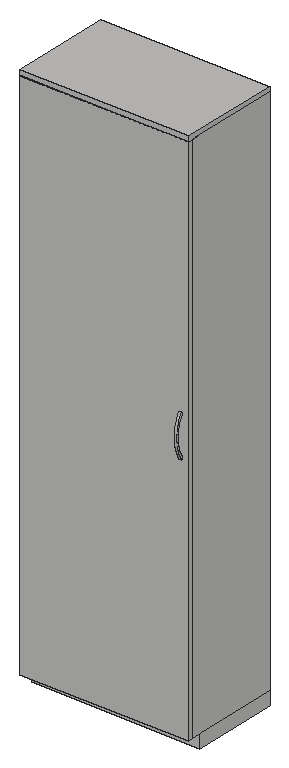
Revit family "Cabinet bed Tobi folded", category Casework, Revit 2013
Parameters
  Youtube clip = ""
  Width = 700 mm
  Weight Net (kg) = 0 mm
  Uniclass 2.0 Description = ""
  Uniclass 2.0 Code = ""
  Uniclass 1.4 Description = ""
  Uniclass 1.4 Code = ""
  URL = "http://vaneritarvike.bimobject.com/7529"
  UNSPC code = 56
  UNSPC Category = "Furniture and Furnishings"
  Technical description = ""
  Product identifier = ""
  Product group = "Cabinet bed"
  Product family = "Kindergarten Furniture"
  Product data url = "http://www.vaneritarvike.fi/index.php?sivu=paivakotikalusteet&r_id=72&kieli=1"
  Product certification = ""
  Product SKU = "7529"
  Unfolded [instance] = no
  Top Panel Material = Valkoinen
  Name of the object = "Cabinet bed Tobi folded"
  NBS Reference Description = ""
  NBS Reference = ""
  Model = "Cabinet bed Tobi folded"
  Side Panel Material = Valkoinen
  Manufacturer URL = "http://www.vaneritarvike.fi"
  Manufacturer = "Nokian Vaneritarvike Oy"
  Manufacture country = "Finland"
  Installation instructions = ""
  IFC Classification = "Furniture"
  Height = 2300 mm
  Handle Material = Valkoinen
  Edition number = "2"
  EAN code = ""
  Door Material = Valkoinen
  Design country = "Finland"
  Depth = 420 mm
  Date of publishing = "4/2/2013"
  Construction Type = ""
  COBIe Type Category = ""
  Bottom Panel Material = Valkoinen
  Back Panel Material = Valkoinen
  BIMobject QR code url = "http://vaneritarvike.bimobject.com/7529"
  BIMobject Category = "Furniture"
  Ang [instance] = if(Unfolded, 90.00°, 0.00°)  # 0.00°
Reference planes
  plane 1 "Center (Front/Back)": y = 0
  plane 2: z = 0
  plane 3 "Center (Left/Right)": x = 0
  plane 4: y = -420
  plane 5: x = -350
  plane 6: x = 350
  plane 7: z = 2300
Forms (mm)
  Extrusion 1, solid, material "Valkoinen" <- "Bottom Panel Material"
    sketch origin (0, -200, 0) x (1, 0, 0) y (0, 1, 0)
      loop
        line (-350, -160) -> (350, -160) -> (350, 200) -> (-350, 200) -> (-350, -160)
    from 0 to 55
  Extrusion 2, solid, material "Valkoinen" <- "Side Panel Material"
    sketch origin (0, -200, 0) x (1, 0, 0) y (0, 1, 0)
      loop
        line (-331, 200) -> (-350, 200) -> (-350, -200) -> (-331, -200) -> (-331, 200)
      loop
        line (350, 200) -> (331, 200) -> (331, -200) -> (350, -200) -> (350, 200)
    from 55 to 2280
  Extrusion 3, solid, material "Valkoinen" <- "Top Panel Material"
    sketch origin (0, 24.5, 0) x (1, 0, 0) y (0, 1, 0)
      loop
        line (-350, -24.5) -> (-350, -443.5) -> (350, -443.5) -> (350, -24.5) -> (-350, -24.5)
    from 2280 to 2300
  Extrusion 4, solid, material "Valkoinen" <- "Back Panel Material"
    sketch origin (0, -224.5, 0) x (1, 0, 0) y (0, 1, 0)
      loop
        line (331, 224.5) -> (-331, 224.5) -> (-331, 194.5) -> (331, 194.5) -> (331, 224.5)
    from 55 to 2280
  Extrusion 5, solid, material "Valkoinen" <- "Door Material"
    sketch origin (0, -224.5, 0) x (1, 0, 0) y (0, 1, 0)
      loop
        line (-350, -195.5) -> (350, -195.5) -> (350, -175.5) -> (-350, -175.5) -> (-350, -195.5)
    from 55 to 2280
  Sweep 6, solid, material "Valkoinen" <- "Handle Material"
    path in 3D
      loop
        line (310, -420, 0) -> (320, -420, 0)
    profile origin (315, -420, 0) x (0, 1, 0) y (0, 0, 1)
      loop
        arc (0, 1265.828) -> (-24.135, 1177.5) -> (0, 1089.172) r 173.697
        line (0, 1089.172) -> (0, 1099.462)
        arc (0, 1099.462) -> (-19.135, 1177.5) -> (0, 1255.538) r 168.697
        line (0, 1255.538) -> (0, 1265.828)
Lines and regions (mm)
  Masking region 1
    outline origin (0, -200, 0) x (1, 0, 0) y (0, 1, 0)
      loop
        line (-350, 200) -> (-350, -220) -> (350, -220) -> (350, 200) -> (-350, 200)
  reference lines
    curve 1: line (-350, -420, 0) -> (320, -420, 0)
  sketch lines
    curve 2: line (310, -420, 0) -> (320, -420, 0)
  symbolic lines, visible <- "Unfolded"
    curve 3: line (-350, -400, 0) -> (-350, -420, 0)
    curve 5: line (-350, -420, 0) -> (350, -420, 0)
    curve 6: line (350, -420, 0) -> (350, -400, 0)
    curve 7: line (350, -400, 0) -> (-350, -400, 0)
  symbolic lines
    curve 4: line (350, -400, 0) -> (-350, -400, 0)
  symbolic lines, detail levels medium+fine
    curve 8: line (310, -444.135, 0) -> (310, -420, 0)
    curve 9: line (320, -444.135, 0) -> (320, -420, 0)
    curve 10: line (310, -444.135, 0) -> (320, -444.135, 0)
  symbolic lines, detail levels fine
    curve 11: line (310, -437.563, 0) -> (320, -437.563, 0)
    curve 12: line (310, -439.177, 0) -> (320, -439.177, 0)
    curve 13: line (310, -442.653, 0) -> (320, -442.653, 0)
Dimensions and locks
  "Depth": plane 4 to plane 1 "Center (Front/Back)"
  "Width": plane 5 to plane 6
  equal spacing: plane 5, plane 3 "Center (Left/Right)", plane 6
  locked: Extrusion 5 sketch curve to Extrusion 5 sketch curve at 20
  locked: Extrusion 5 sketch curve to Extrusion 5 sketch curve at 700  (x2)
  curve 10 to curve 13 to curve 12 to curve 11 to curve 5 = 1.482 mm locked, 3.476 mm locked, 1.614 mm locked, 17.563 mm locked
  "Height": plane 7 to plane 2
  "Ang": angle curve 1 to plane 4
  aligned and locked: level to plane 2
  aligned and locked: Extrusion 2 to Extrusion 1
  aligned and locked: Extrusion 2 to Extrusion 3
  aligned and locked: Extrusion 4 to Extrusion 1
  aligned and locked: Extrusion 2 to Extrusion 4
  aligned and locked: Extrusion 5 to Extrusion 1
  aligned and locked: Extrusion 2 to Extrusion 5
  aligned and locked: plane 5 to curve 1
  aligned and locked: plane 4 to curve 1
  aligned and locked: Extrusion 5 sketch curve to curve 1  (x2)
  aligned and locked: curve 1 to Sweep 6  (x2)
  aligned and locked: curve 3 to Extrusion 5
  aligned and locked: curve 4 to Extrusion 5
  aligned and locked: curve 5 to Extrusion 5
  aligned and locked: curve 6 to Extrusion 5
  aligned and locked: curve 8 to Sweep 6
  aligned and locked: curve 9 to Sweep 6
Automatic sketch dimensions
  plane 1 "Center (Front/Back)" to Extrusion 1 sketch curve = 0 mm
  Extrusion 1 sketch curve to plane 3 "Center (Left/Right)" = 350 mm
  plane 4 to Extrusion 1 sketch curve = 60 mm
  plane 3 "Center (Left/Right)" to Extrusion 1 sketch curve = 350 mm
  plane 1 "Center (Front/Back)" to Extrusion 2 sketch curve = 0 mm  (x2)
  Extrusion 2 sketch curve to plane 3 "Center (Left/Right)" = 350 mm
  plane 4 to Extrusion 2 sketch curve = 20 mm  (x2)
  Extrusion 2 sketch curve to Extrusion 2 sketch curve = 19 mm  (x2)
  plane 3 "Center (Left/Right)" to Extrusion 2 sketch curve = 331 mm
  plane 1 "Center (Front/Back)" to Extrusion 3 sketch curve = 0 mm
  plane 4 to Extrusion 3 sketch curve = 1 mm
  Extrusion 3 sketch curve to plane 3 "Center (Left/Right)" = 350 mm
  plane 3 "Center (Left/Right)" to Extrusion 3 sketch curve = 350 mm
  Masking region 1 sketch curve to plane 4 = 0 mm
  plane 1 "Center (Front/Back)" to Masking region 1 sketch curve = 0 mm
  Masking region 1 sketch curve to plane 3 "Center (Left/Right)" = 350 mm
  plane 3 "Center (Left/Right)" to Masking region 1 sketch curve = 350 mm
  plane 1 "Center (Front/Back)" to Extrusion 4 sketch curve = 0 mm
  Extrusion 4 sketch curve to plane 3 "Center (Left/Right)" = 331 mm
  plane 1 "Center (Front/Back)" to Extrusion 4 sketch curve = 30 mm
  plane 3 "Center (Left/Right)" to Extrusion 4 sketch curve = 331 mm
  Sweep 6 sketch curve to Sweep 6 sketch curve = 0 mm  (x2)
  profile plane to Sweep 6 sketch curve = 0 mm  (x2)
  profile plane to Sweep 6 sketch curve = 1089.172 mm
  Sweep 6 sketch curve to profile plane = 149.562 mm
  Sweep 6 sketch curve to Sweep 6 sketch curve = 10.29 mm
  Sweep 6 sketch curve to Sweep 6 sketch curve = 156.076 mm
